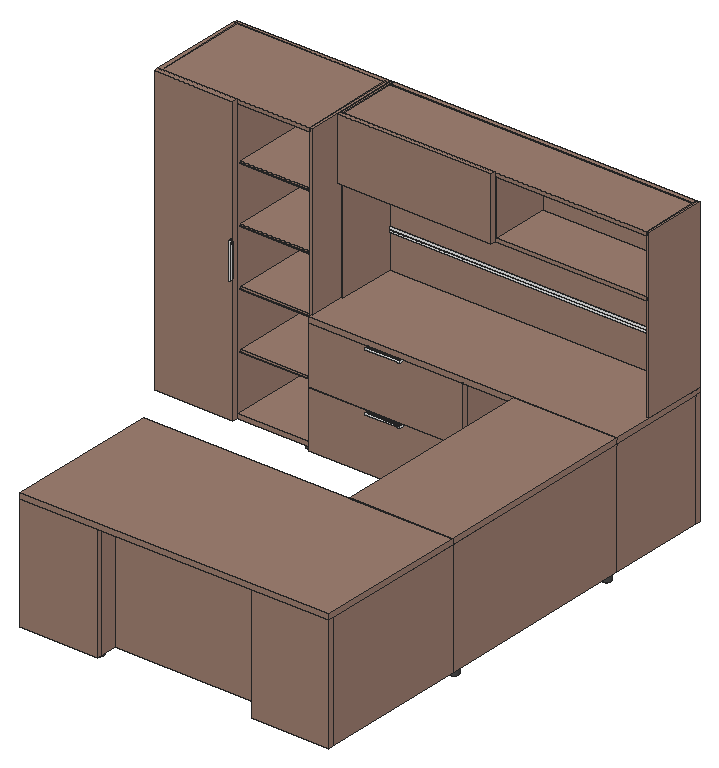
Revit family "OFS TYPICAL T100056", category Furniture, Revit 2022
Family settings
  OmniClass Number = 23.40.20.00
  OmniClass Title = General Furniture and Specialties
  Work Plane-Based = No
  Always vertical = Yes
  Cut with Voids When Loaded = No
  Render Appearance Source = Family Geometry
  Shared = No
  Room Calculation Point = No
Parameters (values of type "T100056")
  URL = "http://ofs.com/"
  Model = "T100056"
  Manufacturer = "OFS"
  Description = "OFS TYPICAL T100056"
  Default Elevation = 0' - 0"
  Copyright © = "©OFS 2024"
  Catalog = ""
  Authoring Version = "Autodesk Revit 2018"
  Assembly Code = "E2020200"
Reference planes (in)
  plane 1 "Center Front/Back": y = 0
  plane 2: z = 0
  plane 3 "Center Left/Right": x = 0
Dimensions and locks (in)
  aligned and locked: level to plane 2
Nested families (in)
  nested 1: "OFS APTOS Return Bridge" at (72, -48, 0) x (0, -1, 0) z (0, 0, 1), type "Return Bridge 48"
  nested 2: "OFS APTOS Credenza Single Lateral Left" at (36, 0, 0), type "Credenza Single Lateral 72IN Wide Left"
  nested 3: "OFS APTOS Highback Organizer Lift-Up Wood Doors One Lift-Up Door Left Side" at (36, 0, 0), type "Highback Organizer Lift-Up Wood Doors One Lift-Up Door Left Side 72"
    with Tackboard-Toolrail-Tackboard Option yes
  nested 4: "OFS APTOS Single Pedestal Breakfront Right" at (36, -103, 0) x (-1, 0, 0) z (0, 0, 1), type "Single Pedestal Breakfront Right 72W 36D"
  nested 5: "APTOS TALL OPEN STORAGE WITH HINGED DOOR 24IN DEPTH" at (-18, 0, 0), type "APTOS TALL OPEN STORAGE WITH HINGED DOOR 36" Wide 24" Planning Depth Single Hinged Door Left"
Definition of nested family "OFS APTOS Return Bridge"
  Parameters (values of type "Return Bridge 48")
    Width = 4' - 0"
    URL = "https://ofs.com/"
    Surface Thickness = 0' - 1.188"
    Leg Caps Material = none
    Depth = 2' - 0"
    Default Elevation = 0' - 0"
    Board Material = none
    Model = "34-2448BR"
    Manufacturer = "OFS"
    Height = 2' - 5 1/2"
    Description = "OFS APTOS Return Bridge 48\" Width, Finished Back Panel"
    Copyright © = "© OFS 2022"
    Catalog = "https://ofs.com/products/tables/conference/aptos?search=Aptos"
    Bottom Board Offset = 0' - 1 1/2"
    Back Thickness = 0' - 2"
    Authoring Version = "Autodesk Revit Architecture 2015"
    Assembly Code = "E2020200"
  Types (3): name | Width | Model | Description
    (no name) | 4' - 0" | "34-2448BR" | "OFS APTOS Return Bridge 48\" Width, Finished Back Panel"
    Return Bridge 42 | 3' - 6" | "34-2442BR" | "OFS APTOS Return Bridge 42\" Width, Finished Back Panel"
    Return Bridge 48 | 4' - 0" | "34-2448BR" | "OFS APTOS Return Bridge 48\" Width, Finished Back Panel"
  Reference planes (in)
    plane 1 "Center Front/Back": y = 0
    plane 2: z = 0
    plane 3 "Center Left/Right": x = 0
    plane 4 "Left End": x = -24
    plane 5 "Front End": y = -2
    plane 6 "Right End": x = 24
    plane 7 "Height Top": z = 29.5
    plane 8: z = 1.5
    plane 9: x = -22.25
    plane 10: x = 22.25
    plane 11: z = 28.312
    plane 12: y = -24
  Forms (in)
    Extrusion 1, solid, material <- "Board Material"
      sketch origin (0, 0, 0) x (1, 0, 0) y (0, 0, 1)
        loop
          line (-24, 28.312) -> (-24, 1.5) -> (24, 1.5) -> (24, 28.312) -> (-24, 28.312)
      from 0 to 2
    Revolve 2, solid, material <- "Leg Caps Material"
      sketch origin (14.9043, -1, 0) x (-1, 0, 0) y (0, 0, 1)
        loop
          line (36.1543, 0.28743) -> (36.6543, 0.28743)
          arc (36.6543, 0.28743) -> (36.51058, 0.14371) -> (36.6543, 0) r 0.14371
          line (36.6543, 0) -> (37.1543, 0) -> (37.1543, 1.5) -> (36.1543, 1.5) -> (36.1543, 0.28743)
        axis (37.1543, 1.5) -> (37.1543, 0)
      angle from 0 to 360
    Revolve 3, solid, material <- "Leg Caps Material"
      sketch origin (-14.9043, -1, 0) x (1, 0, 0) y (0, 0, -1)
        loop
          line (36.1543, -0.28743) -> (36.1543, -1.5) -> (37.1543, -1.5) -> (37.1543, 0) -> (36.6543, 0)
          arc (36.6543, 0) -> (36.51058, -0.14371) -> (36.6543, -0.28743) r 0.14371
          line (36.6543, -0.28743) -> (36.1543, -0.28743)
        axis (37.1543, -1.5) -> (37.1543, 0)
      angle from 0 to 360
    Extrusion 4, solid, material <- "Board Material"
      sketch origin (0, 0, 0) x (1, 0, 0) y (0, 1, 0)
        loop
          line (-24, 0) -> (-24, -24) -> (24, -24) -> (24, 0) -> (-24, 0)
      from 28.312 to 29.5
  Dimensions and locks (in)
    "Bottom Board Offset": plane 8 to level
    "Back Thickness": plane 5 "Front End" to plane 1 "Center Front/Back"
    equal spacing: plane 4 "Left End", plane 3 "Center Left/Right", plane 6 "Right End"
    "Width": plane 4 "Left End" to plane 6 "Right End"
    "Height": plane 7 "Height Top" to level
    locked: plane 4 "Left End" to plane 9 at 1.75
    locked: plane 10 to plane 6 "Right End" at 1.75
    "Surface Thickness": plane 7 "Height Top" to plane 11
    "Depth": plane 12 to plane 1 "Center Front/Back"
    aligned and locked: level to plane 2
    aligned and locked: plane 4 "Left End" to Extrusion 1 sketch curve
    aligned and locked: Extrusion 1 sketch curve to plane 8
    aligned and locked: plane 6 "Right End" to Extrusion 1 sketch curve
    aligned and locked: Extrusion 1 to plane 11
    aligned and locked: Extrusion 4 sketch curve to plane 12
    aligned and locked: plane 4 "Left End" to Extrusion 4 sketch curve
    aligned and locked: plane 1 "Center Front/Back" to Extrusion 4 sketch curve
    aligned and locked: plane 6 "Right End" to Extrusion 4 sketch curve
    aligned and locked: plane 7 "Height Top" to Extrusion 4
    aligned and locked: plane 11 to Extrusion 4
  Automatic sketch dimensions
    Revolve 2 sketch curve to plane 8 = 0' - 0"
    Revolve 2 sketch curve to level = 0' - 0"
    Revolve 2 sketch curve to plane 9 = 0' - 0"  (x2)
    level to Revolve 2 sketch curve = 0' - 0.28743"
    plane 9 to Revolve 2 sketch curve = 0' - 0 1/2"
    Revolve 2 sketch curve to Revolve 2 sketch curve = 0' - 0 1/2"  (x2)
    Revolve 2 sketch curve to Revolve 2 sketch curve = 0' - 0"
    level to Revolve 2 sketch curve = 0' - 0.14371"
    Revolve 2 sketch curve to Revolve 2 sketch curve = 0' - 0 3/4"
    Revolve 3 sketch curve to plane 8 = 0' - 0"
    Revolve 3 sketch curve to level = 0' - 0"
    plane 10 to Revolve 3 sketch curve = 0' - 0"  (x2)
    level to Revolve 3 sketch curve = 0' - 0.28743"
    plane 10 to Revolve 3 sketch curve = 0' - 0 1/2"
    Revolve 3 sketch curve to Revolve 3 sketch curve = 0' - 0 1/2"
    Revolve 3 sketch curve to Revolve 3 sketch curve = 0' - 0"  (x2)
    Revolve 3 sketch curve to Revolve 3 sketch curve = 0' - 0 3/4"
    Revolve 3 sketch curve to level = 0' - 0 1/2"
    Extrusion 1 sketch curve to plane 7 "Height Top" = 0' - 1.188"
Definition of nested family "OFS APTOS Credenza Single Lateral Left"
  Parameters (values of type "Credenza Single Lateral 66IN Wide Left")
    Width = 5' - 6"
    URL = "https://ofs.com/"
    Shelves Width = 0' - 5 3/4"
    Shelf Height = 1' - 1 3/16"
    Left Module Size = 2' - 5 5/8"
    Handle Lenght R = 0' - 8 1/8"
    Handle Lenght L = 0' - 8 1/8"
    Drawer Gap = 0' - 0 1/8"
    Door Handle Material = none
    Default Elevation = 0' - 0"
    Board Thick Top = 0' - 1 3/16"
    Board Thick Door = 0' - 1 1/8"
    Depth = 2' - 0"
    Board Material = none
    Model = "34-6624CRLL"
    Manufacturer = "OFS"
    Leg Caps Material = none
    Leg Offset = 0' - 2"
    Board Thick Internal = 0' - 0 3/4"
    Height = 2' - 5 1/2"
    Description = "OFS APTOS Credenza Single Lateral 66IN Wide Left, 30\" Wide Two Drawer Lateral File on User Left"
    Copyright © = "© OFS 2022"
    Catalog = "https://ofs.com/products/tables/conference/aptos?search=Aptos"
    Bottom Board Offset = 0' - 1 1/2"
    Board Thick Bot = 0' - 1"
    Board Thick Shelfs = 0' - 1"
    Board Thick Sides = 0' - 0 3/4"
    Board Thick Front = 0' - 0 3/4"
    Board Thick Back = 0' - 1"
    Authoring Version = "Autodesk Revit Architecture 2015"
    Assembly Code = "E2020200"
  Types (3): name | Width | Left Module Size | Model | Description
    (no name) | 5' - 6" | 2' - 5 5/8" | "34-6624CRLL" | "OFS APTOS Credenza Single Lateral 66IN Wide Left, 30\" Wide Two Drawer Lateral File on User Left"
    Credenza Single Lateral 66IN Wide Left | 5' - 6" | 2' - 5 5/8" | "34-6624CRLL" | "OFS APTOS Credenza Single Lateral 66IN Wide Left, 30\" Wide Two Drawer Lateral File on User Left"
    Credenza Single Lateral 72IN Wide Left | 6' - 0" | 2' - 11 5/8" | "34-7224CRLL" | "OFS APTOS Credenza Single Lateral 72IN Wide Left, 36\" Wide Two Drawer Lateral File on User Left"
  Reference planes (in)
    plane 1 "Center Front/Back": y = 0
    plane 2: z = 0
    plane 3 "Center Left/Right": x = 0
    plane 4 "Left End": x = -33
    plane 5 "Front End": y = -22.875
    plane 6 "Right End": x = 33
    plane 7 "Back End": y = 0
    plane 8 "Height Top": z = 29.5
    plane 9: x = -32.25
    plane 10: x = 32.25
    plane 11: z = 14.6875
    plane 12: z = 15.6875
    plane 13: z = 28.3125
    plane 14: z = 1.5
    plane 15: z = 2.5
    plane 16: y = -22.125
    plane 17: y = -2
    plane 18: y = -2
    plane 19: y = -20.875
    plane 20: y = -20.875
    plane 21: x = -31
    plane 22: x = 27.25
    plane 23: x = -31
    plane 24: y = -24
    plane 25: z = 14.8125
    plane 26: x = 14.625
    plane 27: x = 10.5625
    plane 28: x = 18.6875
    plane 29: y = -1
    plane 30: x = -3.375
    plane 31: x = -3.75
    plane 32: x = -3
    plane 33: x = -3.4375
    plane 34: x = -3.3125
    plane 35: x = -18
    plane 36: x = -13.9375
    plane 37: x = -22.0625
    plane 38: x = 30.125
    plane 39: x = -5
  Forms (in)
    Extrusion 1, solid, material <- "Board Material"
      sketch origin (0, 0, 0) x (1, 0, 0) y (0, 1, 0)
        loop
          line (-33, -1) -> (-33, -22.875) -> (-32.25, -22.875) -> (-32.25, -1) -> (-33, -1)
      from 1.5 to 28.3125
    Extrusion 2, solid, material <- "Board Material"
      sketch origin (0, 0, 0) x (-1, 0, 0) y (0, -1, 0)
        loop
          line (-33, 1) -> (-32.25, 1) -> (-32.25, 24) -> (-33, 24) -> (-33, 1)
      from 1.5 to 28.3125
    Extrusion 3, solid, material <- "Board Material"
      sketch origin (0, 0, 0) x (1, 0, 0) y (0, 1, 0)
        loop
          line (-32.25, -1) -> (-32.25, -22.875) -> (-3.75, -22.875) -> (-3.75, -1) -> (-32.25, -1)
      from 1.5 to 2.5
    Extrusion 4, solid, material <- "Board Material"
      sketch origin (0, 0, 0) x (1, 0, 0) y (0, 1, 0)
        loop
          line (-33, 0) -> (-33, -24) -> (33, -24) -> (33, 0) -> (-33, 0)
      from 28.3125 to 29.5
    Revolve 5, solid, material <- "Leg Caps Material"
      sketch origin (-31, 28, 0) x (0, -1, 0) y (0, 0, 1)
        loop
          line (30, 0.28743) -> (30.5, 0.28743)
          arc (30.5, 0.28743) -> (30.35629, 0.14371) -> (30.5, 0) r 0.14371
          line (30.5, 0) -> (31, 0) -> (31, 1.5) -> (30, 1.5) -> (30, 0.28743)
        axis (31, 1.5) -> (31, 0)
      angle from 0 to 360
    Revolve 6, solid, material <- "Leg Caps Material"
      sketch origin (0, -20.875, 0) x (-1, 0, 0) y (0, 0, -1)
        loop
          line (30, -0.28743) -> (30, -1.5) -> (31, -1.5) -> (31, 0) -> (30.5, 0)
          arc (30.5, 0) -> (30.35629, -0.14371) -> (30.5, -0.28743) r 0.14371
          line (30.5, -0.28743) -> (30, -0.28743)
        axis (31, -1.5) -> (31, 0)
      angle from 0 to 360
    Extrusion 7, solid, material <- "Board Material"
      sketch origin (0, 0, 0) x (1, 0, 0) y (0, 1, 0)
        loop
          line (-3.75, -1) -> (-3.75, -22.875) -> (-3, -22.875) -> (-3, -1) -> (-3.75, -1)
      from 1.5 to 28.3125
    Extrusion 8, solid, material <- "Board Material"
      sketch origin (0, 27.875, 0) x (1, 0, 0) y (0, 1, 0)
        loop
          line (-33, -27.875) -> (-33, -28.875) -> (33, -28.875) -> (33, -27.875) -> (-33, -27.875)
      from 1.5 to 28.3125
    Extrusion 9, solid, material <- "Board Material"
      sketch origin (-18, 0, 0) x (-1, 0, 0) y (0, -1, 0)
        loop
          line (15, 22.875) -> (15, 24) -> (-15, 24) -> (-15, 22.875) -> (15, 22.875)
      from 14.8125 to 28.3125
    Extrusion 10, solid, material <- "Board Material"
      sketch origin (-18, 0, 0) x (-1, 0, 0) y (0, -1, 0)
        loop
          line (15, 22.875) -> (15, 24) -> (-15, 24) -> (-15, 22.875) -> (15, 22.875)
      from 1.5 to 14.6875
    Extrusion 11, solid, material <- "Door Handle Material"
      sketch origin (-16.91963, 5.64442, 4.60983) x (0, 1, 0) y (0, 0, 1)
        loop
          arc (-30.44863, 23.6997) -> (-30.63506, 23.51326) -> (-30.44863, 23.32683) r 0.18644
          arc (-30.44863, 23.32683) -> (-30.36853, 23.33163) -> (-30.28958, 23.34598) r 0.66994
          arc (-30.28958, 23.34598) -> (-30.06672, 23.37235) -> (-29.84329, 23.35136) r 1.06313
          arc (-29.84329, 23.35136) -> (-29.74437, 23.33542) -> (-29.64442, 23.32859) r 1.09565
          line (-29.64442, 23.32859) -> (-29.64442, 23.70267)
          arc (-29.64442, 23.70267) -> (-29.74808, 23.68819) -> (-29.84998, 23.66424) r 1.13704
          arc (-29.84998, 23.66424) -> (-30.0702, 23.64265) -> (-30.28958, 23.67164) r 0.9681
          arc (-30.28958, 23.67164) -> (-30.36779, 23.69313) -> (-30.44863, 23.6997) r 0.43385
      from -5.14287 to 2.98213
    Extrusion 12, solid, material <- "Door Handle Material"
      sketch origin (-16.91963, 5.64442, -1.95267) x (0, 1, 0) y (0, 0, 1)
        loop
          arc (-30.44863, 16.6372) -> (-30.63506, 16.45076) -> (-30.44863, 16.26433) r 0.18644
          arc (-30.44863, 16.26433) -> (-30.36853, 16.26913) -> (-30.28958, 16.28348) r 0.66994
          arc (-30.28958, 16.28348) -> (-30.06675, 16.31125) -> (-29.84329, 16.28915) r 1.01098
          arc (-29.84329, 16.28915) -> (-29.74439, 16.27301) -> (-29.64442, 16.26609) r 1.08212
          line (-29.64442, 16.26609) -> (-29.64442, 16.64017)
          arc (-29.64442, 16.64017) -> (-29.74475, 16.62561) -> (-29.84329, 16.60174) r 1.08374
          arc (-29.84329, 16.60174) -> (-30.06697, 16.57316) -> (-30.28958, 16.60914) r 0.78757
          arc (-30.28958, 16.60914) -> (-30.36779, 16.63063) -> (-30.44863, 16.6372) r 0.43385
      from -5.14287 to 2.98213
    Revolve 13, solid, material <- "Leg Caps Material"
      sketch origin (30.125, -34, 0) x (0, 1, 0) y (0, 0, -1)
        loop
          line (30, -0.28743) -> (30, -1.5) -> (31, -1.5) -> (31, 0) -> (30.5, 0)
          arc (30.5, 0) -> (30.35629, -0.14371) -> (30.5, -0.28743) r 0.14371
          line (30.5, -0.28743) -> (30, -0.28743)
        axis (31, -1.5) -> (31, 0)
      angle from 0 to 360
    Revolve 14, solid, material <- "Leg Caps Material"
      sketch origin (30.125, -51.875, 0) x (0, 1, 0) y (0, 0, 1)
        loop
          line (30, 0.28743) -> (30.5, 0.28743)
          arc (30.5, 0.28743) -> (30.35629, 0.14371) -> (30.5, 0) r 0.14371
          line (30.5, 0) -> (31, 0) -> (31, 1.5) -> (30, 1.5) -> (30, 0.28743)
        axis (31, 1.5) -> (31, 0)
      angle from 0 to 360
    Revolve 15, solid, material <- "Leg Caps Material"
      sketch origin (-5, 28, 0) x (0, -1, 0) y (0, 0, 1)
        loop
          line (30, 0.28743) -> (30.5, 0.28743)
          arc (30.5, 0.28743) -> (30.35629, 0.14371) -> (30.5, 0) r 0.14371
          line (30.5, 0) -> (31, 0) -> (31, 1.5) -> (30, 1.5) -> (30, 0.28743)
        axis (31, 1.5) -> (31, 0)
      angle from 0 to 360
    Revolve 16, solid, material <- "Leg Caps Material"
      sketch origin (-5, 13.125, 0) x (0, -1, 0) y (0, 0, -1)
        loop
          line (33, -0.28743) -> (33, -1.5) -> (34, -1.5) -> (34, 0) -> (33.5, 0)
          arc (33.5, 0) -> (33.35629, -0.14371) -> (33.5, -0.28743) r 0.14371
          line (33.5, -0.28743) -> (33, -0.28743)
        axis (34, -1.5) -> (34, 0)
      angle from 0 to 360
    Extrusion 17, solid, material <- "Board Material"
      sketch origin (35.85362, -6.96924, 0) x (1, 0, 0) y (0, 1, 0)
        loop
          line (-8.60362, 5.96924) -> (-8.60362, -15.90576) -> (-3.60362, -15.90576) -> (-3.60362, 5.96924) -> (-8.60362, 5.96924)
      from 1.5 to 2.5
    Extrusion 18, solid, material <- "Board Material"
      sketch origin (15.5, 0, 0) x (-1, 0, 0) y (0, -1, 0)
        loop
          line (-11.75, 22.875) -> (-11.75, 24) -> (-16.75, 24) -> (-16.75, 22.875) -> (-11.75, 22.875)
      from 1.5 to 28.3125
    Extrusion 19, solid, material <- "Board Material"
      sketch origin (35.85362, -6.96924, 13.1875) x (1, 0, 0) y (0, 1, 0)
        loop
          line (-8.60362, 5.96924) -> (-8.60362, -15.90576) -> (-3.60362, -15.90576) -> (-3.60362, 5.96924) -> (-8.60362, 5.96924)
      from 1.5 to 2.5
  Dimensions and locks (in)
    equal spacing: plane 4 "Left End", plane 3 "Center Left/Right", plane 6 "Right End"
    "Width": plane 4 "Left End" to plane 6 "Right End"
    "Height": plane 8 "Height Top" to level
    "Board Thick Sides": plane 4 "Left End" to plane 9
    "Board Thick Sides": plane 10 to plane 6 "Right End"
    "Board Thick Top": plane 8 "Height Top" to plane 13
    "Board Thick Shelfs": plane 12 to plane 11
    "Board Thick Bot": plane 15 to plane 14
    "Bottom Board Offset": plane 14 to level
    "Board Thick Front": plane 16 to plane 5 "Front End"
    "Leg Offset": plane 19 to plane 5 "Front End"
    "Leg Offset": plane 20 to plane 5 "Front End"
    "Leg Offset": plane 17 to plane 7 "Back End"
    "Leg Offset": plane 18 to plane 7 "Back End"
    "Leg Offset": plane 4 "Left End" to plane 21
    "Shelves Width": plane 22 to plane 6 "Right End"
    "Leg Offset": plane 4 "Left End" to plane 23
    "Board Thick Door": plane 24 to plane 5 "Front End"
    "Shelf Height": plane 12 to plane 15
    "Drawer Gap": plane 25 to plane 11
    equal spacing: plane 27, plane 26, plane 28
    "Handle Lenght R": plane 27 to plane 28
    "Board Thick Back": plane 29 to plane 1 "Center Front/Back"
    "Depth": plane 24 to plane 1 "Center Front/Back"
    "Board Thick Internal": plane 31 to plane 32
    equal spacing: plane 31, plane 30, plane 32
    "Left Module Size": plane 4 "Left End" to plane 30
    equal spacing: plane 32, plane 26, plane 10
    equal spacing: plane 33, plane 30, plane 34
    "Drawer Gap": plane 33 to plane 34
    equal spacing: plane 36, plane 35, plane 37
    "Handle Lenght L": plane 36 to plane 37
    equal spacing: plane 9, plane 35, plane 31
    "Leg Offset": plane 39 to plane 32
    equal spacing: plane 22, plane 38, plane 6 "Right End"
    aligned and locked: level to plane 2
    aligned and locked: plane 5 "Front End" to Extrusion 1 sketch curve
    aligned and locked: plane 4 "Left End" to Extrusion 1 sketch curve
    aligned and locked: Extrusion 1 sketch curve to plane 9
    aligned and locked: Extrusion 2 to plane 6 "Right End"
    aligned and locked: plane 14 to Extrusion 2
    aligned and locked: Extrusion 3 sketch curve to plane 9
    aligned and locked: Revolve 6 to plane 19
    aligned and locked: Extrusion 7 to plane 5 "Front End"
    aligned and locked: Extrusion 8 to plane 4 "Left End"
    aligned and locked: Extrusion 8 to plane 6 "Right End"
    aligned and locked: Extrusion 8 to plane 14
    aligned and locked: plane 13 to Extrusion 7
    aligned and locked: Extrusion 8 to plane 13
    aligned and locked: Extrusion 2 to plane 13
    aligned and locked: Extrusion 4 to plane 24
    aligned and locked: Extrusion 4 to plane 6 "Right End"
    aligned and locked: Extrusion 4 to plane 4 "Left End"
    aligned and locked: plane 8 "Height Top" to Extrusion 4
    aligned and locked: Extrusion 4 to plane 13
    aligned and locked: Extrusion 8 to plane 29
    aligned and locked: Extrusion 8 to plane 1 "Center Front/Back"
    aligned and locked: Extrusion 4 to plane 1 "Center Front/Back"
    aligned and locked: plane 29 to Extrusion 7
    aligned and locked: plane 13 to Extrusion 1
    aligned and locked: Extrusion 1 to plane 14
    aligned and locked: Extrusion 7 to plane 32
    aligned and locked: Extrusion 7 to plane 31
    aligned and locked: plane 29 to Extrusion 1
    aligned and locked: plane 29 to Extrusion 2
    aligned and locked: Extrusion 9 to plane 4 "Left End"
    aligned and locked: Extrusion 9 to plane 25
    aligned and locked: plane 13 to Extrusion 9
    aligned and locked: plane 11 to Extrusion 10
    aligned and locked: Extrusion 10 to plane 14
    aligned and locked: plane 37 to Extrusion 11
    aligned and locked: plane 37 to Extrusion 12
    aligned and locked: Extrusion 11 to plane 36
    aligned and locked: Extrusion 12 to plane 36
    aligned and locked: Extrusion 3 to plane 31
    aligned and locked: Extrusion 7 to plane 14
    aligned and locked: Extrusion 10 to plane 32
    aligned and locked: Extrusion 9 to plane 32
    aligned and locked: Revolve 14 to plane 38
    aligned and locked: plane 24 to Extrusion 2
    aligned and locked: Revolve 5 to plane 21
    aligned and locked: Revolve 13 to plane 38
    aligned and locked: plane 39 to Revolve 15
    aligned and locked: Revolve 16 to plane 39
    aligned and locked: plane 10 to Extrusion 2
    aligned and locked: Extrusion 17 to plane 10
    aligned and locked: Extrusion 17 to plane 29
    aligned and locked: Extrusion 17 to plane 5 "Front End"
    aligned and locked: Extrusion 18 to plane 10
    aligned and locked: plane 22 to Extrusion 18
    aligned and locked: Extrusion 17 to plane 22
    aligned and locked: Extrusion 18 to plane 13
    aligned and locked: plane 14 to Extrusion 18
  Automatic sketch dimensions
    Extrusion 1 sketch curve to plane 29 = 0' - 0"
    Extrusion 2 sketch curve to plane 6 "Right End" = 0' - 0"
    Extrusion 2 sketch curve to plane 10 = 0' - 0"
    plane 24 to Extrusion 2 sketch curve = 0' - 0"
    plane 29 to Extrusion 2 sketch curve = 0' - 0"
    Extrusion 3 sketch curve to plane 5 "Front End" = 0' - 0"
    Extrusion 3 sketch curve to plane 31 = 0' - 0"
    Extrusion 3 sketch curve to plane 29 = 0' - 0"
    Extrusion 4 sketch curve to plane 4 "Left End" = 0' - 0"
    Extrusion 4 sketch curve to plane 6 "Right End" = 0' - 0"
    Extrusion 4 sketch curve to plane 24 = 0' - 0"
    plane 1 "Center Front/Back" to Extrusion 4 sketch curve = 0' - 0"
    Revolve 5 sketch curve to plane 17 = 0' - 0"
    Revolve 5 sketch curve to level = 0' - 0"
    Revolve 5 sketch curve to plane 14 = 0' - 0"
    level to Revolve 5 sketch curve = 0' - 0.28743"
    Revolve 5 sketch curve to plane 17 = 0' - 0 1/2"
    Revolve 5 sketch curve to Revolve 5 sketch curve = 0' - 0 1/2"  (x2)
    Revolve 5 sketch curve to Revolve 5 sketch curve = 0' - 0"  (x2)
    level to Revolve 5 sketch curve = 0' - 0.14371"
    Revolve 5 sketch curve to plane 15 = 0' - 0 1/4"
    Revolve 6 sketch curve to plane 14 = 0' - 0"
    Revolve 6 sketch curve to level = 0' - 0"
    plane 21 to Revolve 6 sketch curve = 0' - 0"  (x2)
    level to Revolve 6 sketch curve = 0' - 0.28743"
    Revolve 6 sketch curve to plane 21 = 0' - 0 1/2"
    Revolve 6 sketch curve to Revolve 6 sketch curve = 0' - 0 1/2"
    Revolve 6 sketch curve to Revolve 6 sketch curve = 0' - 0"  (x2)
    Revolve 6 sketch curve to plane 15 = 0' - 0 1/4"
    Revolve 6 sketch curve to level = 0' - 0 1/2"
    Extrusion 7 sketch curve to plane 5 "Front End" = 0' - 0"
    Extrusion 7 sketch curve to plane 31 = 0' - 0"
    Extrusion 7 sketch curve to plane 3 "Center Left/Right" = 0' - 3"
    Extrusion 7 sketch curve to plane 29 = 0' - 0"
    Extrusion 8 sketch curve to plane 4 "Left End" = 0' - 0"
    Extrusion 8 sketch curve to plane 6 "Right End" = 0' - 0"
    Extrusion 8 sketch curve to plane 29 = 0' - 0"
    plane 1 "Center Front/Back" to Extrusion 8 sketch curve = 0' - 0"
    plane 3 "Center Left/Right" to Extrusion 9 sketch curve = 0' - 3"
    Extrusion 9 sketch curve to plane 4 "Left End" = 0' - 0"
    Extrusion 9 sketch curve to plane 24 = 0' - 0"
    Extrusion 9 sketch curve to plane 5 "Front End" = 0' - 0"
    plane 3 "Center Left/Right" to Extrusion 10 sketch curve = 0' - 3"
    Extrusion 10 sketch curve to plane 4 "Left End" = 0' - 0"
    Extrusion 10 sketch curve to plane 24 = 0' - 0"
    Extrusion 10 sketch curve to plane 5 "Front End" = 0' - 0"
    Extrusion 11 sketch curve to plane 13 = 0' - 0"
    Extrusion 11 sketch curve to plane 24 = 0' - 0"
    Extrusion 11 sketch curve to plane 13 = 0' - 0.37408"
    plane 24 to Extrusion 11 sketch curve = 0' - 0.80421"
    Extrusion 11 sketch curve to Extrusion 11 sketch curve = 0' - 0.00546"
    Extrusion 11 sketch curve to Extrusion 11 sketch curve = 0' - 0.15905"  (x2)
    plane 24 to Extrusion 11 sketch curve = 0' - 0.4095"  (x2)
    Extrusion 11 sketch curve to plane 13 = 0' - 0.03843"
    plane 24 to Extrusion 11 sketch curve = 0' - 0.20556"
    plane 24 to Extrusion 11 sketch curve = 0' - 0.19887"
    Extrusion 11 sketch curve to plane 24 = 0' - 0.02468"
    Extrusion 11 sketch curve to plane 24 = 0' - 0.10528"
    Extrusion 11 sketch curve to Extrusion 11 sketch curve = 0' - 0.2612"
    Extrusion 11 sketch curve to plane 13 = 0' - 0.43678"
    Extrusion 11 sketch curve to Extrusion 11 sketch curve = 0' - 0.06095"
    Extrusion 11 sketch curve to Extrusion 11 sketch curve = 0' - 0"
    Extrusion 11 sketch curve to Extrusion 11 sketch curve = 0' - 0.01915"
    Extrusion 11 sketch curve to Extrusion 11 sketch curve = 0' - 0.18644"
    Extrusion 12 sketch curve to plane 11 = 0' - 0"
    Extrusion 12 sketch curve to plane 24 = 0' - 0"
    Extrusion 12 sketch curve to plane 11 = 0' - 0.37408"
    plane 24 to Extrusion 12 sketch curve = 0' - 0.80421"
    Extrusion 12 sketch curve to Extrusion 12 sketch curve = 0' - 0.00546"
    Extrusion 12 sketch curve to plane 11 = 0' - 0.03103"
    Extrusion 12 sketch curve to Extrusion 12 sketch curve = 0' - 0.15905"  (x2)
    plane 24 to Extrusion 12 sketch curve = 0' - 0.4095"  (x2)
    Extrusion 12 sketch curve to plane 12 = 0' - 0.27955"
    Extrusion 12 sketch curve to plane 11 = 0' - 0.03843"
    plane 24 to Extrusion 12 sketch curve = 0' - 0.19887"
    Extrusion 12 sketch curve to plane 24 = 0' - 0.02468"
    Extrusion 12 sketch curve to plane 24 = 0' - 0.10528"
    Extrusion 12 sketch curve to Extrusion 12 sketch curve = 0' - 0.2612"
    Extrusion 12 sketch curve to Extrusion 12 sketch curve = 0' - 0.40575"
    Extrusion 12 sketch curve to Extrusion 12 sketch curve = 0' - 0.06095"
    Extrusion 12 sketch curve to Extrusion 12 sketch curve = 0' - 0"
    Extrusion 12 sketch curve to Extrusion 12 sketch curve = 0' - 0.01915"
    Revolve 13 sketch curve to plane 14 = 0' - 0"
    Revolve 13 sketch curve to level = 0' - 0"
    level to Revolve 13 sketch curve = 0' - 0.28743"
    Revolve 13 sketch curve to plane 17 = 0' - 2"
    Revolve 13 sketch curve to Revolve 13 sketch curve = 0' - 0 1/2"  (x2)
    Revolve 13 sketch curve to Revolve 13 sketch curve = 0' - 0"  (x3)
    Revolve 13 sketch curve to plane 15 = 0' - 0 1/4"
    Revolve 13 sketch curve to level = 0' - 0 1/2"
    Revolve 14 sketch curve to plane 14 = 0' - 0"
    Revolve 14 sketch curve to level = 0' - 0"
    Revolve 14 sketch curve to plane 19 = 0' - 0"  (x2)
    level to Revolve 14 sketch curve = 0' - 0.28743"
    plane 19 to Revolve 14 sketch curve = 0' - 0 1/2"
    Revolve 14 sketch curve to plane 16 = 0' - 0 1/4"
    Revolve 14 sketch curve to Revolve 14 sketch curve = 0' - 0"
    Revolve 14 sketch curve to Revolve 14 sketch curve = 0' - 0 1/2"
    level to Revolve 14 sketch curve = 0' - 0.14371"
    Revolve 14 sketch curve to plane 15 = 0' - 0 1/4"
    Revolve 15 sketch curve to plane 17 = 0' - 0"
    Revolve 15 sketch curve to level = 0' - 0"
    Revolve 15 sketch curve to plane 14 = 0' - 0"
    level to Revolve 15 sketch curve = 0' - 0.28743"
    Revolve 15 sketch curve to plane 17 = 0' - 0 1/2"
    Revolve 15 sketch curve to Revolve 15 sketch curve = 0' - 0 1/2"  (x2)
    Revolve 15 sketch curve to Revolve 15 sketch curve = 0' - 0"  (x2)
    level to Revolve 15 sketch curve = 0' - 0.14371"
    Revolve 15 sketch curve to plane 15 = 0' - 0 1/4"
    Revolve 16 sketch curve to plane 14 = 0' - 0"
    Revolve 16 sketch curve to level = 0' - 0"
    Revolve 16 sketch curve to plane 19 = 0' - 0"  (x2)
    level to Revolve 16 sketch curve = 0' - 0.28743"
    Revolve 16 sketch curve to plane 19 = 0' - 0 1/2"
    Revolve 16 sketch curve to Revolve 16 sketch curve = 0' - 0 1/2"
    Revolve 16 sketch curve to Revolve 16 sketch curve = 0' - 0"  (x2)
    Revolve 16 sketch curve to plane 15 = 0' - 0 1/4"
    Revolve 16 sketch curve to level = 0' - 0 1/2"
    plane 5 "Front End" to Extrusion 17 sketch curve = 0' - 0"
    Extrusion 17 sketch curve to plane 22 = 0' - 0"
    Extrusion 17 sketch curve to plane 10 = 0' - 0"
    plane 29 to Extrusion 17 sketch curve = 0' - 0"
    plane 5 "Front End" to Extrusion 18 sketch curve = 0' - 0"
    Extrusion 18 sketch curve to plane 10 = 0' - 0"
    Extrusion 18 sketch curve to plane 22 = 0' - 0"
    plane 24 to Extrusion 18 sketch curve = 0' - 0"
    plane 5 "Front End" to Extrusion 19 sketch curve = 0' - 0"
    Extrusion 19 sketch curve to plane 22 = 0' - 0"
    Extrusion 19 sketch curve to plane 10 = 0' - 0"
    plane 29 to Extrusion 19 sketch curve = 0' - 0"
Definition of nested family "OFS APTOS Highback Organizer Lift-Up Wood Doors One Lift-Up Door Left Side"
  Parameters (values of type "Highback Organizer Lift-Up Wood Doors One Lift-Up Door Left Side 60")
    Width = 5' - 0"
    URL = "https://ofs.com/"
    Total Height [instance] = 5' - 8 1/4"
    Tackboard-Toolrail-Tackboard Option [instance] = yes
    Right Door = no
    Left Door = yes
    Height = 3' - 2 3/4"
    Glass Door Material = none
    Extruded Aluminum Toolbar Material = none
    Door Handle Material = none
    Door Gap = 0' - 0 1/8"
    Default Elevation = 0' - 0"
    Board Thick Door = 0' - 1"
    Depth = 1' - 3 5/8"
    Board Material = none
    Model = "34-6039LLD1"
    Manufacturer = "OFS"
    Leg Caps Material = none
    Board Thick Internal = 0' - 0 3/4"
    Cabinet Height = 1' - 2 1/2"
    Description = "OFS APTOS Highback Organizer Lift-Up Wood Doors One Lift-Up Door Left Side 60"
    Copyright © = "© OFS 2022"
    Catalog = "https://ofs.com/products/tables/conference/aptos?search=Aptos"
    Bottom Board Offset = 4' - 5 3/4"
    Board Thick Top and Bot = 0' - 0 7/8"
    Board Thick Sides = 0' - 0.64862"
    Board Thick Back = 0' - 1 1/8"
    Authoring Version = "Autodesk Revit Architecture 2015"
    Assembly Code = "E2020200"
  Types (4): name | Width | Model | Description
    (no name) | 5' - 0" | "34-6039LLD1" | "OFS APTOS Highback Organizer Lift-Up Wood Doors One Lift-Up Door Left Side 60"
    Highback Organizer Lift-Up Wood Doors One Lift-Up Door Left Side 60 | 5' - 0" | "34-6039LLD1" | "OFS APTOS Highback Organizer Lift-Up Wood Doors One Lift-Up Door Left Side 60"
    Highback Organizer Lift-Up Wood Doors One Lift-Up Door Left Side 66 | 5' - 6" | "34-6639LLD1" | "OFS APTOS Highback Organizer Lift-Up Wood Doors One Lift-Up Door Left Side 66"
    Highback Organizer Lift-Up Wood Doors One Lift-Up Door Left Side 72 | 6' - 0" | "34-7239LLD1" | "OFS APTOS Highback Organizer Lift-Up Wood Doors One Lift-Up Door Left Side 72"
  Reference planes (in)
    plane 1 "Center Front/Back": y = 0
    plane 2: z = 0
    plane 3 "Center Left/Right": x = 0
    plane 4 "Left End": x = -30
    plane 5 "Front End": y = -14.625
    plane 6 "Right End": x = 30
    plane 7 "Back End": y = 0
    plane 8 "Height Top": z = 68.25
    plane 9: x = -29.35138
    plane 10: x = 29.35138
    plane 11: z = 67.375
    plane 12: z = 53.75
    plane 13: z = 54.625
    plane 14: y = -14.625
    plane 15: x = 0
    plane 16: x = 0.375
    plane 17: x = -0.375
    plane 18: y = -1.125
    plane 19: y = -15.625
    plane 20: x = 26.85138
    plane 21: x = -26.85138
    plane 22: z = 61
    plane 23: z = 29.5
    plane 24: x = -0.0625
    plane 25: x = 0.0625
  Forms (in)
    Extrusion 1, solid, material <- "Board Material"
      sketch origin (0, 0, 0) x (1, 0, 0) y (0, 1, 0)
        loop
          line (-30, 0) -> (-30, -14.625) -> (-29.35138, -14.625) -> (-29.35138, 0) -> (-30, 0)
      from 29.5 to 68.25
    Extrusion 2, solid, material <- "Board Material"
      sketch origin (0, 0, 0) x (-1, 0, 0) y (0, -1, 0)
        loop
          line (-30, 0) -> (-29.35138, 0) -> (-29.35138, 14.625) -> (-30, 14.625) -> (-30, 0)
      from 29.5 to 68.25
    Extrusion 3, solid, material <- "Board Material"
      sketch origin (0, 0, 0) x (1, 0, 0) y (0, 1, 0)
        loop
          line (-29.35138, -1.125) -> (-29.35138, -14.625) -> (29.35138, -14.625) -> (29.35138, -1.125) -> (-29.35138, -1.125)
      from 53.75 to 54.625
    Extrusion 4, solid, material <- "Board Material"
      sketch origin (0, 0, 0) x (1, 0, 0) y (0, 1, 0)
        loop
          line (-29.35138, -1.125) -> (-29.35138, -14.625) -> (29.35138, -14.625) -> (29.35138, -1.125) -> (-29.35138, -1.125)
      from 67.375 to 68.25
    Extrusion 5, solid, material <- "Board Material"
      sketch origin (0, 0, 0) x (1, 0, 0) y (0, 1, 0)
        loop
          line (-0.375, -1.125) -> (-0.375, -14.625) -> (0.375, -14.625) -> (0.375, -1.125) -> (-0.375, -1.125)
      from 54.625 to 67.375
    Extrusion 6, solid, material <- "Board Material", visible <- "Left Door"
      sketch origin (0, 0, 0) x (1, 0, 0) y (0, 1, 0)
        loop
          line (-0.0625, -14.625) -> (-30, -14.625) -> (-30, -15.625) -> (-0.0625, -15.625) -> (-0.0625, -14.625)
      from 53.75 to 68.25
    Extrusion 7, solid, material <- "Board Material"
      sketch origin (0, 27.875, 0) x (1, 0, 0) y (0, 1, 0)
        loop
          line (-29.35138, -27.875) -> (-29.35138, -29) -> (29.35138, -29) -> (29.35138, -27.875) -> (-29.35138, -27.875)
      from 29.5 to 68.25
    Extrusion 8, solid, material <- "Board Material", visible <- "Right Door"
      sketch origin (0, 0, 0) x (1, 0, 0) y (0, 1, 0)
        loop
          line (30, -14.625) -> (0.0625, -14.625) -> (0.0625, -15.625) -> (30, -15.625) -> (30, -14.625)
      from 53.75 to 68.25
    Extrusion 9, solid, material <- "Extruded Aluminum Toolbar Material", visible <- "Tackboard-Toolrail-Tackboard Option"
      sketch origin (0, 9.93745, 0) x (0, 1, 0) y (0, 0, 1)
        loop
          line (-11.36586, 38.75) -> (-11.36586, 38.18406) -> (-11.14933, 38.18406) -> (-11.01481, 38.26593) -> (-10.9534, 38.16504) -> (-11.11621, 38.06594) -> (-11.36586, 38.06594) -> (-11.36586, 37.5) -> (-10.64711, 37.5) -> (-10.64711, 36.75) -> (-10.56711, 36.75) -> (-10.56711, 37.58) -> (-11.28586, 37.58) -> (-11.28586, 37.98594) -> (-11.09378, 37.98594) -> (-10.84347, 38.1383) -> (-10.98806, 38.37586) -> (-11.17176, 38.26406) -> (-11.28586, 38.26406) -> (-11.28586, 38.67) -> (-10.56711, 38.67) -> (-10.56711, 39.5) -> (-10.64711, 39.5) -> (-10.64711, 38.75) -> (-11.36586, 38.75)
      from -29.35138 to 29.35138
  Dimensions and locks (in)
    equal spacing: plane 4 "Left End", plane 3 "Center Left/Right", plane 6 "Right End"
    "Width": plane 4 "Left End" to plane 6 "Right End"
    "Cabinet Height": plane 8 "Height Top" to plane 12
    "Board Thick Sides": plane 4 "Left End" to plane 9
    "Board Thick Sides": plane 10 to plane 6 "Right End"
    "Board Thick Top and Bot": plane 8 "Height Top" to plane 11
    "Board Thick Top and Bot": plane 13 to plane 12
    "Bottom Board Offset": plane 12 to level
    equal spacing: plane 17, plane 15, plane 16
    "Board Thick Internal": plane 17 to plane 16
    "Board Thick Back": plane 18 to plane 1 "Center Front/Back"
    "Depth": plane 19 to plane 1 "Center Front/Back"
    "Total Height": plane 8 "Height Top" to level
    "Board Thick Door": plane 5 "Front End" to plane 19
    locked: plane 20 to plane 10 at 2.5
    locked: plane 9 to plane 21 at 2.5
    equal spacing: plane 8 "Height Top", plane 22, plane 12
    plane 3 "Center Left/Right" to plane 6 "Right End" = 2' - 6"
    plane 4 "Left End" to plane 3 "Center Left/Right" = 2' - 6"
    equal spacing: plane 24, plane 3 "Center Left/Right", plane 25
    "Door Gap": plane 24 to plane 25
    aligned and locked: level to plane 2
    aligned and locked: plane 4 "Left End" to Extrusion 1 sketch curve
    aligned and locked: Extrusion 1 sketch curve to plane 9
    aligned and locked: plane 10 to Extrusion 2
    aligned and locked: Extrusion 2 to plane 6 "Right End"
    aligned and locked: plane 10 to Extrusion 3 sketch curve
    aligned and locked: plane 9 to Extrusion 3 sketch curve
    aligned and locked: Extrusion 5 to plane 5 "Front End"
    aligned and locked: plane 5 "Front End" to Extrusion 6 sketch curve
    aligned and locked: Extrusion 3 to plane 13
    aligned and locked: Extrusion 3 to plane 12
    aligned and locked: Extrusion 5 to plane 13
    aligned and locked: plane 11 to Extrusion 5
    aligned and locked: Extrusion 4 to plane 14
    aligned and locked: plane 8 "Height Top" to Extrusion 4
    aligned and locked: Extrusion 4 to plane 11
    aligned and locked: Extrusion 7 to plane 18
    aligned and locked: Extrusion 7 to plane 1 "Center Front/Back"
    aligned and locked: Extrusion 2 to plane 1 "Center Front/Back"
    aligned and locked: plane 18 to Extrusion 5
    aligned and locked: plane 17 to Extrusion 5
    aligned and locked: Extrusion 5 to plane 16
    aligned and locked: plane 8 "Height Top" to Extrusion 2
    aligned and locked: Extrusion 4 to plane 9
    aligned and locked: Extrusion 4 to plane 10
    aligned and locked: plane 14 to Extrusion 2
    aligned and locked: plane 14 to Extrusion 1
    aligned and locked: plane 14 to Extrusion 3
    aligned and locked: plane 8 "Height Top" to Extrusion 1
    aligned and locked: Extrusion 7 to plane 9
    aligned and locked: Extrusion 7 to plane 10
    aligned and locked: Extrusion 6 to plane 19
    aligned and locked: Extrusion 8 to plane 19
    aligned and locked: plane 18 to Extrusion 3
    aligned and locked: Extrusion 2 to plane 23
    aligned and locked: Extrusion 1 to plane 23
    aligned and locked: Extrusion 7 to plane 23
    aligned and locked: plane 18 to Extrusion 4
    aligned and locked: plane 8 "Height Top" to Extrusion 7
    aligned and locked: Extrusion 9 to plane 9
    aligned and locked: Extrusion 9 to plane 10
    aligned and locked: plane 14 to plane 5 "Front End"
    aligned and locked: Extrusion 6 to plane 4 "Left End"
    aligned and locked: Extrusion 8 to plane 6 "Right End"
    aligned and locked: plane 8 "Height Top" to Extrusion 6
    aligned and locked: plane 8 "Height Top" to Extrusion 8
    aligned and locked: Extrusion 8 to plane 12
    aligned and locked: Extrusion 6 to plane 12
    aligned and locked: plane 25 to Extrusion 8
    aligned and locked: plane 24 to Extrusion 6
  Automatic sketch dimensions
    Extrusion 1 sketch curve to plane 5 "Front End" = 0' - 0"
    plane 1 "Center Front/Back" to Extrusion 1 sketch curve = 0' - 0"
    plane 5 "Front End" to Extrusion 2 sketch curve = 0' - 0"
    Extrusion 2 sketch curve to plane 6 "Right End" = 0' - 0"
    Extrusion 2 sketch curve to plane 10 = 0' - 0"
    plane 1 "Center Front/Back" to Extrusion 2 sketch curve = 0' - 0"
    Extrusion 3 sketch curve to plane 5 "Front End" = 0' - 0"
    Extrusion 3 sketch curve to plane 18 = 0' - 0"
    Extrusion 4 sketch curve to plane 5 "Front End" = 0' - 0"
    Extrusion 4 sketch curve to plane 9 = 0' - 0"
    Extrusion 4 sketch curve to plane 10 = 0' - 0"
    Extrusion 4 sketch curve to plane 18 = 0' - 0"
    Extrusion 5 sketch curve to plane 5 "Front End" = 0' - 0"
    Extrusion 5 sketch curve to plane 17 = 0' - 0"
    Extrusion 5 sketch curve to plane 16 = 0' - 0"
    plane 18 to Extrusion 5 sketch curve = 0' - 0"
    Extrusion 6 sketch curve to plane 4 "Left End" = 0' - 0"
    Extrusion 6 sketch curve to plane 19 = 0' - 0"
    Extrusion 7 sketch curve to plane 9 = 0' - 0"
    Extrusion 7 sketch curve to plane 10 = 0' - 0"
    Extrusion 7 sketch curve to plane 18 = 0' - 0"
    plane 1 "Center Front/Back" to Extrusion 7 sketch curve = 0' - 0"
    Extrusion 8 sketch curve to plane 5 "Front End" = 0' - 0"
    Extrusion 8 sketch curve to plane 6 "Right End" = 0' - 0"
    plane 19 to Extrusion 8 sketch curve = 0' - 0"
    Extrusion 9 sketch curve to plane 18 = 0' - 0.30341"
    plane 18 to Extrusion 9 sketch curve = 0' - 0.41534"  (x2)
    plane 23 to Extrusion 9 sketch curve = 0' - 7 1/4"
    Extrusion 9 sketch curve to Extrusion 9 sketch curve = 0' - 0"
    Extrusion 9 sketch curve to Extrusion 9 sketch curve = 0' - 0.08"  (x8)
    Extrusion 9 sketch curve to plane 18 = 0' - 0.10931"
    Extrusion 9 sketch curve to Extrusion 9 sketch curve = 0' - 0.02243"
    Extrusion 9 sketch curve to plane 18 = 0' - 0.05376"
    Extrusion 9 sketch curve to plane 18 = 0' - 0.03133"
    plane 18 to Extrusion 9 sketch curve = 0' - 0.04764"
    plane 18 to Extrusion 9 sketch curve = 0' - 0.07439"
    plane 18 to Extrusion 9 sketch curve = 0' - 0.10905"
    Extrusion 9 sketch curve to Extrusion 9 sketch curve = 0' - 0.10993"  (x2)
    Extrusion 9 sketch curve to Extrusion 9 sketch curve = 0' - 0 3/4"  (x2)
    Extrusion 9 sketch curve to Extrusion 9 sketch curve = 0' - 0.40594"
    Extrusion 9 sketch curve to Extrusion 9 sketch curve = 0' - 0.07236"
    Extrusion 9 sketch curve to Extrusion 9 sketch curve = 0' - 0.02674"
    Extrusion 9 sketch curve to Extrusion 9 sketch curve = 0' - 0.11811"
    Extrusion 9 sketch curve to Extrusion 9 sketch curve = 0' - 0.10089"
    Extrusion 9 sketch curve to Extrusion 9 sketch curve = 0' - 0.29414"
    Extrusion 8 sketch curve to plane 20 = 2' - 2.78888"
    Extrusion 6 sketch curve to plane 17 = 0' - 0 5/16"
Definition of nested family "OFS APTOS Single Pedestal Breakfront Right"
  Parameters (values of type "Single Pedestal Breakfront Right 66W 30D")
    Width = 5' - 6"
    URL = "https://ofs.com/"
    Top Posterior Offset = 0' - 0"
    Shelves Width = 0' - 5 3/4"
    Shelf Height = 1' - 1 3/16"
    Recessed = 0' - 5"
    File Module Size = 1' - 2 5/8"
    Handle Lenght R = 0' - 4 1/8"
    Handle Lenght L = 0' - 4 1/8"
    Drawer Gap = 0' - 0 1/8"
    Door Handle Material = none
    Default Elevation = 0' - 0"
    Board Thick Top = 0' - 1 3/16"
    Board Thick Door = 0' - 1 1/8"
    Depth = 2' - 6"
    Board Material = none
    Model = "34-6630RPDFT"
    Manufacturer = "OFS"
    Leg Caps Material = none
    Leg Offset = 0' - 2"
    Board Thick Internal = 0' - 0 3/4"
    Height = 2' - 5 1/2"
    Description = "OFS APTOS Single Pedestal Breakfront Right 66W 30D"
    Copyright © = "© OFS 2022"
    Catalog = "https://ofs.com/products/tables/conference/aptos?search=Aptos"
    Bottom Board Offset = 0' - 1 1/2"
    Board Thick Bot = 0' - 1"
    Board Thick Shelfs = 0' - 1"
    Board Thick Sides = 0' - 0 3/4"
    Board Thick Front = 0' - 0 3/4"
    Board Thick Back = 0' - 1"
    Authoring Version = "Autodesk Revit Architecture 2015"
    Assembly Code = "E2020200"
  Types (5): name | Width | File Module Size | Depth | Model | Description
    (no name) | 5' - 6" | 1' - 2 5/8" | 2' - 6" | "34-6630RPDFT" | "OFS APTOS Single Pedestal Breakfront Right 66W 30D"
    Single Pedestal Breakfront Right 66W 30D | 5' - 6" | 1' - 2 5/8" | 2' - 6" | "34-6630RPDFT" | "OFS APTOS Single Pedestal Breakfront Right 66W 30D"
    Single Pedestal Breakfront Right 66W 36D | 5' - 6" | 1' - 2 5/8" | 3' - 0" | "34-6636RPDFT" | "OFS APTOS Single Pedestal Breakfront Right 66W 36D"
    Single Pedestal Breakfront Right 72W 36D | 6' - 0" | 1' - 5 5/8" | 3' - 0" | "34-7236RPDFT" | "OFS APTOS Single Pedestal Breakfront Right 72W 36D"
    Single Pedestal Breakfront Right 72W 30D | 6' - 0" | 1' - 5 5/8" | 2' - 6" | "34-7230RPDFT" | "OFS APTOS Single Pedestal Breakfront Right 72W 30D"
  Reference planes (in)
    plane 1 "Center": y = 0
    plane 2: z = 0
    plane 3 "Center Left/Right": x = 0
    plane 4 "Left End": x = -33
    plane 5 "Front End": y = -23.875
    plane 6 "Right End": x = 33
    plane 7 "A": y = 5
    plane 8 "Height Top": z = 29.5
    plane 9: x = -32.25
    plane 10: x = 32.25
    plane 11: z = 14.6875
    plane 12: z = 15.6875
    plane 13: z = 28.3125
    plane 14: z = 1.5
    plane 15: z = 2.5
    plane 16: y = -23.125
    plane 17: y = 3
    plane 18: y = -21.875
    plane 19: y = -21.875
    plane 20: x = 31
    plane 21: x = 31
    plane 22: x = -31
    plane 23: y = -25
    plane 24: z = 14.8125
    plane 25: x = 25.5
    plane 26: x = 23.4375
    plane 27: x = 27.5625
    plane 28: y = -1
    plane 29: x = 18.375
    plane 30: x = 18
    plane 31: x = 18.75
    plane 32: x = 18.3125
    plane 33: x = 18.4375
    plane 34: x = 20
    plane 35: x = -18.375
    plane 36: x = -18
    plane 37: x = -18.75
    plane 38: x = -18.3125
    plane 39: x = -18.4375
    plane 40: x = -25.5
    plane 41: x = -23.4375
    plane 42: x = -27.5625
    plane 43: x = -20
    plane 44: x = -27.25
    plane 45: y = 4
    plane 46 "Center Front/Back": y = 5
    plane 47: x = -30.125
  Forms (in)
    Extrusion 1, solid, material <- "Board Material"
      sketch origin (0, 0, 0) x (1, 0, 0) y (0, 1, 0)
        loop
          line (-33, 4) -> (-33, -25) -> (-32.25, -25) -> (-32.25, 4) -> (-33, 4)
      from 1.5 to 28.3125
    Extrusion 2, solid, material <- "Board Material"
      sketch origin (0, 0, 0) x (-1, 0, 0) y (0, -1, 0)
        loop
          line (-33, -4) -> (-32.25, -4) -> (-32.25, 23.875) -> (-33, 23.875) -> (-33, -4)
      from 1.5 to 28.3125
    Extrusion 3, solid, material <- "Board Material"
      sketch origin (0, 0, 0) x (1, 0, 0) y (0, 1, 0)
        loop
          line (18.75, 4) -> (18.75, -23.875) -> (32.25, -23.875) -> (32.25, 4) -> (18.75, 4)
      from 1.5 to 2.5
    Extrusion 4, solid, material <- "Board Material"
      sketch origin (0, 0, 0) x (1, 0, 0) y (0, 1, 0)
        loop
          line (-33, 5) -> (-33, -25) -> (33, -25) -> (33, 5) -> (-33, 5)
      from 28.3125 to 29.5
    Extrusion 5, solid, material <- "Board Material"
      sketch origin (0, 0, 0) x (1, 0, 0) y (0, 1, 0)
        loop
          line (18, 4) -> (18, -23.875) -> (18.75, -23.875) -> (18.75, 4) -> (18, 4)
      from 1.5 to 28.3125
    Extrusion 6, solid, material <- "Board Material"
      sketch origin (0, 27.875, 0) x (1, 0, 0) y (0, 1, 0)
        loop
          line (-18, -27.875) -> (-18, -28.875) -> (18, -28.875) -> (18, -27.875) -> (-18, -27.875)
      from 1.5 to 28.3125
    Extrusion 7, solid, material <- "Board Material"
      sketch origin (-18, 0, 0) x (-1, 0, 0) y (0, -1, 0)
        loop
          line (-36, 23.875) -> (-36, 25) -> (-51, 25) -> (-51, 23.875) -> (-36, 23.875)
      from 14.8125 to 28.3125
    Extrusion 8, solid, material <- "Board Material"
      sketch origin (-18, 0, 0) x (-1, 0, 0) y (0, -1, 0)
        loop
          line (-36, 23.875) -> (-36, 25) -> (-51, 25) -> (-51, 23.875) -> (-36, 23.875)
      from 1.5 to 14.6875
    Extrusion 9, solid, material <- "Door Handle Material"
      sketch origin (-16.91963, 5.64442, 4.60983) x (0, 1, 0) y (0, 0, 1)
        loop
          arc (-31.44863, 23.6997) -> (-31.63506, 23.51326) -> (-31.44863, 23.32683) r 0.18644
          arc (-31.44863, 23.32683) -> (-31.36853, 23.33163) -> (-31.28958, 23.34598) r 0.66994
          arc (-31.28958, 23.34598) -> (-31.06672, 23.37235) -> (-30.84329, 23.35136) r 1.06313
          arc (-30.84329, 23.35136) -> (-30.74437, 23.33542) -> (-30.64442, 23.32859) r 1.09565
          line (-30.64442, 23.32859) -> (-30.64442, 23.70267)
          arc (-30.64442, 23.70267) -> (-30.74808, 23.68819) -> (-30.84998, 23.66424) r 1.13704
          arc (-30.84998, 23.66424) -> (-31.0702, 23.64265) -> (-31.28958, 23.67164) r 0.9681
          arc (-31.28958, 23.67164) -> (-31.36779, 23.69313) -> (-31.44863, 23.6997) r 0.43385
      from 40.35713 to 44.48213
    Extrusion 10, solid, material <- "Door Handle Material"
      sketch origin (-16.91963, 5.64442, -1.95267) x (0, 1, 0) y (0, 0, 1)
        loop
          arc (-31.44863, 16.6372) -> (-31.63506, 16.45076) -> (-31.44863, 16.26433) r 0.18644
          arc (-31.44863, 16.26433) -> (-31.36853, 16.26913) -> (-31.28958, 16.28348) r 0.66994
          arc (-31.28958, 16.28348) -> (-31.06675, 16.31125) -> (-30.84329, 16.28915) r 1.01098
          arc (-30.84329, 16.28915) -> (-30.74439, 16.27301) -> (-30.64442, 16.26609) r 1.08212
          line (-30.64442, 16.26609) -> (-30.64442, 16.64017)
          arc (-30.64442, 16.64017) -> (-30.74475, 16.62561) -> (-30.84329, 16.60174) r 1.08374
          arc (-30.84329, 16.60174) -> (-31.06697, 16.57316) -> (-31.28958, 16.60914) r 0.78757
          arc (-31.28958, 16.60914) -> (-31.36779, 16.63063) -> (-31.44863, 16.6372) r 0.43385
      from 40.35713 to 44.48213
    Revolve 11, solid, material <- "Leg Caps Material"
      sketch origin (31, -34, 0) x (0, 1, 0) y (0, 0, -1)
        loop
          line (35, -0.28743) -> (35, -1.5) -> (36, -1.5) -> (36, 0) -> (35.5, 0)
          arc (35.5, 0) -> (35.35629, -0.14371) -> (35.5, -0.28743) r 0.14371
          line (35.5, -0.28743) -> (35, -0.28743)
        axis (36, -1.5) -> (36, 0)
      angle from 0 to 360
    Revolve 12, solid, material <- "Leg Caps Material"
      sketch origin (31, -51.875, 0) x (0, 1, 0) y (0, 0, 1)
        loop
          line (29, 0.28743) -> (29.5, 0.28743)
          arc (29.5, 0.28743) -> (29.35629, 0.14371) -> (29.5, 0) r 0.14371
          line (29.5, 0) -> (30, 0) -> (30, 1.5) -> (29, 1.5) -> (29, 0.28743)
        axis (30, 1.5) -> (30, 0)
      angle from 0 to 360
    Revolve 13, solid, material <- "Leg Caps Material"
      sketch origin (20, 28, 0) x (0, -1, 0) y (0, 0, 1)
        loop
          line (25, 0.28743) -> (25.5, 0.28743)
          arc (25.5, 0.28743) -> (25.35629, 0.14371) -> (25.5, 0) r 0.14371
          line (25.5, 0) -> (26, 0) -> (26, 1.5) -> (25, 1.5) -> (25, 0.28743)
        axis (26, 1.5) -> (26, 0)
      angle from 0 to 360
    Revolve 14, solid, material <- "Leg Caps Material"
      sketch origin (20, 13.125, 0) x (0, -1, 0) y (0, 0, -1)
        loop
          line (34, -0.28743) -> (34, -1.5) -> (35, -1.5) -> (35, 0) -> (34.5, 0)
          arc (34.5, 0) -> (34.35629, -0.14371) -> (34.5, -0.28743) r 0.14371
          line (34.5, -0.28743) -> (34, -0.28743)
        axis (35, -1.5) -> (35, 0)
      angle from 0 to 360
    Revolve 15, solid, material <- "Leg Caps Material"
      sketch origin (-30.125, -34, 0) x (0, 1, 0) y (0, 0, 1)
        loop
          line (35, 0.28743) -> (35.5, 0.28743)
          arc (35.5, 0.28743) -> (35.35629, 0.14371) -> (35.5, 0) r 0.14371
          line (35.5, 0) -> (36, 0) -> (36, 1.5) -> (35, 1.5) -> (35, 0.28743)
        axis (36, 1.5) -> (36, 0)
      angle from 0 to 360
    Revolve 16, solid, material <- "Leg Caps Material"
      sketch origin (-30.125, -51.875, 0) x (0, 1, 0) y (0, 0, -1)
        loop
          line (29, -0.28743) -> (29, -1.5) -> (30, -1.5) -> (30, 0) -> (29.5, 0)
          arc (29.5, 0) -> (29.35629, -0.14371) -> (29.5, -0.28743) r 0.14371
          line (29.5, -0.28743) -> (29, -0.28743)
        axis (30, -1.5) -> (30, 0)
      angle from 0 to 360
    Extrusion 17, solid, material <- "Board Material"
      sketch origin (0, 42.125, 0) x (1, 0, 0) y (0, 1, 0)
        loop
          line (-33, -37.125) -> (-33, -38.125) -> (-18, -38.125) -> (-18, -37.125) -> (-33, -37.125)
      from 1.5 to 28.3125
    Extrusion 18, solid, material <- "Board Material"
      sketch origin (52, 42.125, 0) x (1, 0, 0) y (0, 1, 0)
        loop
          line (-34, -37.125) -> (-34, -38.125) -> (-19, -38.125) -> (-19, -37.125) -> (-34, -37.125)
      from 1.5 to 28.3125
    Extrusion 19, solid, material <- "Board Material"
      sketch origin (0, 0, 0) x (-1, 0, 0) y (0, -1, 0)
        loop
          line (18, -4) -> (18.75, -4) -> (18.75, 1) -> (18, 1) -> (18, -4)
      from 1.5 to 28.3125
    Extrusion 20, solid, material <- "Board Material"
      sketch origin (-35.80683, 0, 0) x (1, 0, 0) y (0, 1, 0)
        loop
          line (3.55683, 4) -> (3.55683, -23.875) -> (8.55683, -23.875) -> (17.05683, -1) -> (17.05683, 4) -> (3.55683, 4)
      from 1.5 to 2.5
    Extrusion 21, solid, material <- "Board Material"
      sketch origin (-62, 0, 0) x (-1, 0, 0) y (0, -1, 0)
        loop
          line (-29.75, 23.875) -> (-29.75, 25) -> (-34.75, 25) -> (-34.75, 23.875) -> (-29.75, 23.875)
      from 1.5 to 28.3125
    Extrusion 22, solid, material <- "Board Material"
      sketch origin (-35.80683, 0, 13.1875) x (1, 0, 0) y (0, 1, 0)
        loop
          line (3.55683, 4) -> (3.55683, -23.875) -> (8.55683, -23.875) -> (17.05683, -1) -> (17.05683, 4) -> (3.55683, 4)
      from 1.5 to 2.5
  Cuts and joins
    joined: Extrusion 6, Extrusion 17, Extrusion 18
  Dimensions and locks (in)
    equal spacing: plane 4 "Left End", plane 3 "Center Left/Right", plane 6 "Right End"
    "Width": plane 4 "Left End" to plane 6 "Right End"
    "Height": plane 8 "Height Top" to level
    "Board Thick Sides": plane 4 "Left End" to plane 9
    "Board Thick Sides": plane 10 to plane 6 "Right End"
    "Board Thick Top": plane 8 "Height Top" to plane 13
    "Board Thick Shelfs": plane 12 to plane 11
    "Board Thick Bot": plane 15 to plane 14
    "Bottom Board Offset": plane 14 to level
    "Board Thick Front": plane 16 to plane 5 "Front End"
    "Leg Offset": plane 18 to plane 5 "Front End"
    "Leg Offset": plane 19 to plane 5 "Front End"
    "Leg Offset": plane 17 to plane 7 "A"
    "Leg Offset": plane 20 to plane 6 "Right End"
    "Leg Offset": plane 21 to plane 6 "Right End"
    "Leg Offset": plane 4 "Left End" to plane 22
    "Board Thick Door": plane 23 to plane 5 "Front End"
    "Shelf Height": plane 12 to plane 15
    "Drawer Gap": plane 24 to plane 11
    equal spacing: plane 26, plane 25, plane 27
    "Handle Lenght R": plane 26 to plane 27
    "Board Thick Back": plane 28 to plane 1 "Center"
    "Depth": plane 23 to plane 46 "Center Front/Back"
    "Board Thick Internal": plane 30 to plane 31
    equal spacing: plane 30, plane 29, plane 31
    "File Module Size": plane 29 to plane 6 "Right End"
    equal spacing: plane 31, plane 25, plane 10
    equal spacing: plane 32, plane 29, plane 33
    "Drawer Gap": plane 32 to plane 33
    plane 21 to plane 6 "Right End" = 0' - 2"
    "Leg Offset": plane 30 to plane 34
    "Board Thick Internal": plane 36 to plane 37
    equal spacing: plane 36, plane 35, plane 37
    "File Module Size": plane 35 to plane 4 "Left End"
    equal spacing: plane 38, plane 35, plane 39
    "Drawer Gap": plane 38 to plane 39
    equal spacing: plane 41, plane 40, plane 42
    "Handle Lenght R": plane 41 to plane 42
    equal spacing: plane 37, plane 40, plane 9
    "Leg Offset": plane 36 to plane 43
    "Shelves Width": plane 44 to plane 4 "Left End"
    "Recessed": plane 1 "Center" to plane 7 "A"
    "Board Thick Back": plane 7 "A" to plane 45
    "Top Posterior Offset": plane 7 "A" to plane 46 "Center Front/Back"
    equal spacing: plane 4 "Left End", plane 47, plane 44
    aligned and locked: level to plane 2
    aligned and locked: plane 4 "Left End" to Extrusion 1 sketch curve
    aligned and locked: Extrusion 2 to plane 6 "Right End"
    aligned and locked: plane 14 to Extrusion 2
    aligned and locked: Extrusion 5 to plane 5 "Front End"
    aligned and locked: Extrusion 6 to plane 14
    aligned and locked: Extrusion 5 to plane 13
    aligned and locked: Extrusion 6 to plane 13
    aligned and locked: Extrusion 2 to plane 13
    aligned and locked: Extrusion 4 to plane 23
    aligned and locked: Extrusion 4 to plane 6 "Right End"
    aligned and locked: Extrusion 4 to plane 4 "Left End"
    aligned and locked: plane 8 "Height Top" to Extrusion 4
    aligned and locked: Extrusion 4 to plane 13
    aligned and locked: Extrusion 6 to plane 28
    aligned and locked: Extrusion 6 to plane 1 "Center"
    aligned and locked: Extrusion 5 to plane 31
    aligned and locked: Extrusion 5 to plane 30
    aligned and locked: plane 24 to Extrusion 7
    aligned and locked: Extrusion 7 to plane 13
    aligned and locked: Extrusion 8 to plane 11
    aligned and locked: plane 14 to Extrusion 8
    aligned and locked: Extrusion 5 to plane 14
    aligned and locked: plane 34 to Revolve 13
    aligned and locked: Revolve 14 to plane 34
    aligned and locked: plane 10 to Extrusion 2
    aligned and locked: plane 5 "Front End" to Extrusion 2
    aligned and locked: Extrusion 7 to plane 6 "Right End"
    aligned and locked: Extrusion 8 to plane 6 "Right End"
    aligned and locked: plane 30 to Extrusion 8
    aligned and locked: plane 30 to Extrusion 7
    aligned and locked: Extrusion 10 to plane 27
    aligned and locked: Extrusion 9 to plane 27
    aligned and locked: plane 26 to Extrusion 10
    aligned and locked: plane 26 to Extrusion 9
    aligned and locked: plane 31 to Extrusion 3
    aligned and locked: Extrusion 3 to plane 10
    aligned and locked: Revolve 12 to plane 20
    aligned and locked: plane 20 to Revolve 11
    aligned and locked: Extrusion 17 to plane 45
    aligned and locked: Extrusion 17 to plane 7 "A"
    aligned and locked: Extrusion 17 to plane 4 "Left End"
    aligned and locked: Extrusion 17 to plane 36
    aligned and locked: plane 36 to Extrusion 6
    aligned and locked: plane 30 to Extrusion 6
    aligned and locked: Extrusion 3 to plane 45
    aligned and locked: Extrusion 5 to plane 45
    aligned and locked: Extrusion 2 to plane 45
    aligned and locked: plane 45 to Extrusion 18
    aligned and locked: Extrusion 18 to plane 7 "A"
    aligned and locked: Extrusion 18 to plane 6 "Right End"
    aligned and locked: Extrusion 18 to plane 30
    aligned and locked: Extrusion 4 to plane 46 "Center Front/Back"
    aligned and locked: Extrusion 1 to plane 23
